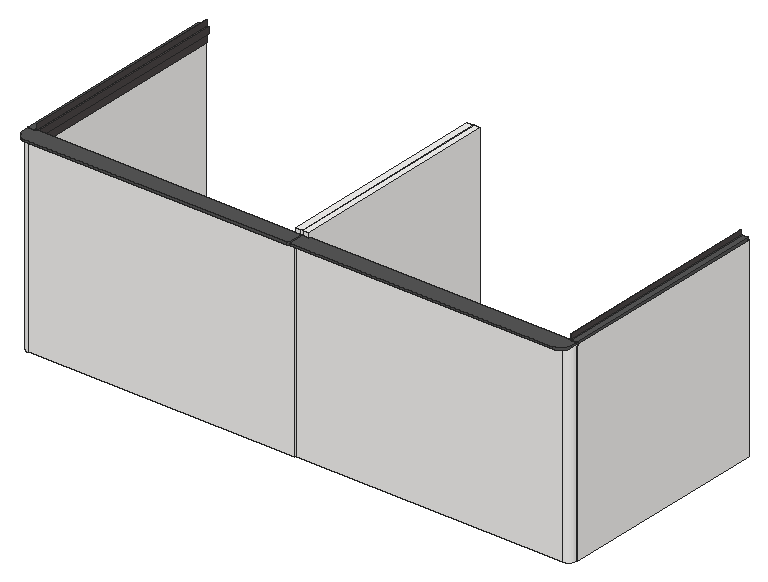
Revit family "vanity unit with 2 drawers for consoles with countertop basin ground", category Furniture, Revit 2019 (continued)
Definition of nested family "vanity unit 1360_550 with 2 drawers for consoles with countertop basin ground-54067700-diamond matt grey-matt_white-400_"
  Forms (mm)
    Extrusion 19, solid, visible <- "ContentVisible", detail levels medium+fine
      sketch origin (0, 0, 0) x (1, 0, 0) y (0, 0, -1)
        loop
          line (656.4, -468.5) -> (656.4, -483) -> (661, -483) -> (661, -496) -> (662.5, -496) -> (662.5, -447) -> (661, -447) -> (661, -468.5) -> (656.4, -468.5)
      from -525 to 0
    Extrusion 20, solid, visible <- "ContentVisible", detail levels medium+fine
      sketch origin (0, 0, 0) x (0, 0, -1) y (0, 1, 0)
        loop
          line (-440, -477) -> (-440, -493) -> (-366, -493) -> (-366, -477) -> (-440, -477)
      from -664 to 664
    Extrusion 21, solid, visible <- "ContentVisible", detail levels coarse
      sketch origin (0, -285.5, 0) x (1, 0, 0) y (0, 1, 0)
        loop
          line (-680, -285.5) -> (680, -285.5) -> (680, 285.5) -> (-680, 285.5) -> (-680, -285.5)
      from 0 to 496
  Dimensions and locks
    aligned and locked: level to plane 2
Definition of nested family "vanity unit 1360_550 with 2 drawers for consoles with countertop basin ground-54068000-natural oak-chrome-200_content"
  Parameters (values of type "Vanity unit 1360_550 with 2 drawers for consoles with countertop basin ground-54068000-Natural Oak-CHROME-200_Content")
    etim7_EC011381 = "EC011381"
    WEIGHT = "45.1"
    UNSPSC = "56 | Furniture and Furnishings"
    UNIFORMATII = "E2010 | Fixed Furnishings"
    UNICLASS_2015_CODE = "40_30_78_05"
    UNICLASS2015 = "Pr_40_30_78_05 | Bathroom furniture"
    SURFACE = "CHROME"
    REGIONSET = "Worldwide"
    PRODUCTURL = "https://pro.hansgrohe.com/articledetail--54068000"
    PRODUCTGROUP = "vanity unit"
    PRODUCTFAMILY = "Xelu Q"
    PERMALINK = "54068XXX"
    OMNICLASS = "23-21 19 15 33 13 | Residential Bathroom Specialty Casework"
    OBJECTTYPE = "Object (single object)"
    OBERFLAECHE = "Natural Oak"
    NN = "Vanity Unit with 2 Drawers for consoles with countertop basin ground"
    NBSYN = "$BASENUMBER.-$ARTNR.-$OBERFLAECHE.-$SURFACE.-$LODLEVEL."
    NB = "Vanity unit 1360/550 with 2 drawers for consoles with countertop basin ground-54068000-Natural Oak-CHROME-200"
    NAME = "Xelu Q Vanity unit Natural Oak 1360/550 with 2 drawers for consoles with countertop basin ground"
    Model = "Vanity unit 1360/550 with 2 drawers for consoles with countertop basin ground-54068000-Natural Oak-CHROME-200"
    Manufacturer = "Hansgrohe"
    MASTERFORMAT = "12 35 30.23 | Bathroom Casework"
    LODLEVEL = "200"
    LINA = "Vanity unit 1360/550 with 2 drawers for consoles with countertop basin ground-54068000-Natural Oak-CHROME-200"
    L = 1360
    IFC = "Furnishing element"
    GTINCODE = "4059625456316"
    ETIM = "EC011381 | Bathroom furniture set"
    Default Elevation = 1219.2 mm
    DESIGN = "Germany"
    ContentVisible [instance] = yes
    CATALOG = "Hansgrohe"
    BIMOBJECT = "Sanitary: Compound units"
    BASENUMBER = "Vanity unit 1360/550 with 2 drawers for consoles with countertop basin ground"
    ARTNR = "54068000"
  Reference planes
    plane 1 "Center (Front/Back)": y = 0
    plane 2: z = 0
    plane 3 "Center (Left/Right)": x = 0
  Forms (mm)
    Extrusion 1, solid, visible <- "ContentVisible", detail levels medium+fine
      sketch origin (0, 0, 0) x (1, 0, 0) y (0, 1, 0)
        loop
          line (-680, 0) -> (-680, -551) -> (680, -551) -> (680, 0) -> (664, 0) -> (664, -117) -> (-664, -117) -> (-664, 0) -> (-680, 0)
      from 0 to 480
    Extrusion 2, solid, visible <- "ContentVisible", detail levels medium+fine
      sketch origin (0, 0, 480) x (1, 0, 0) y (0, 1, 0)
        loop
          line (-678.5, -528.5) -> (-678.5, -571) -> (678.5, -571) -> (678.5, -528.5) -> (-678.5, -528.5)
      from 0 to 5
    Extrusion 3, solid, visible <- "ContentVisible", detail levels medium+fine
      sketch origin (0, 0, 0) x (1, 0, 0) y (0, 0, -1)
        loop
          line (-664, -447) -> (-664, -485) -> (-662.5, -485) -> (-662.5, -447) -> (-664, -447)
      from -528.5 to 0
    Extrusion 4, solid, visible <- "ContentVisible", detail levels medium+fine
      sketch origin (0, 0, 0) x (1, 0, 0) y (0, 0, -1)
        loop
          line (662.5, -446.8) -> (662.5, -485) -> (664, -485) -> (664, -446.8) -> (662.5, -446.8)
      from -528.5 to 0
    Extrusion 5, solid, visible <- "ContentVisible", detail levels medium+fine
      sketch origin (0, 0, 480) x (1, 0, 0) y (0, 1, 0)
        loop
          line (-680, 0) -> (-680, -530) -> (-664, -530) -> (-664, 0) -> (-680, 0)
      from 0 to 5
    Extrusion 6, solid, visible <- "ContentVisible", detail levels medium+fine
      sketch origin (0, 0, 480) x (1, 0, 0) y (0, 1, 0)
        loop
          line (664, 0) -> (664, -530) -> (680, -530) -> (680, 0) -> (664, 0)
      from 0 to 5
    Extrusion 7, solid, visible <- "ContentVisible", detail levels medium+fine
      sketch origin (0, 0, 0) x (1, 0, 0) y (0, 0, -1)
        loop
          line (-662.5, -447) -> (-662.5, -496) -> (-656.4, -496) -> (-656.4, -447) -> (-662.5, -447)
      from -528.5 to 0
    Extrusion 8, solid, visible <- "ContentVisible", detail levels medium+fine
      sketch origin (0, 0, 0) x (1, 0, 0) y (0, 0, -1)
        loop
          line (656.4, -447) -> (656.4, -496) -> (662.5, -496) -> (662.5, -447) -> (656.4, -447)
      from -528.5 to 0
    Extrusion 9, solid, visible <- "ContentVisible", detail levels coarse
      sketch origin (0, -285.5, 0) x (1, 0, 0) y (0, 1, 0)
        loop
          line (-680, -285.5) -> (680, -285.5) -> (680, 285.5) -> (-680, 285.5) -> (-680, -285.5)
      from 0 to 496
  Dimensions and locks
    aligned and locked: level to plane 2
Definition of nested family "vanity unit 1360_550 with 2 drawers for consoles with countertop basin ground-54068000-natural oak-chrome-400_content"
  Parameters (values of type "Vanity unit 1360_550 with 2 drawers for consoles with countertop basin ground-54068000-Natural Oak-CHROME-400_Content")
    etim7_EC011381 = "EC011381"
    WEIGHT = "45.1"
    UNSPSC = "56 | Furniture and Furnishings"
    UNIFORMATII = "E2010 | Fixed Furnishings"
    UNICLASS_2015_CODE = "40_30_78_05"
    UNICLASS2015 = "Pr_40_30_78_05 | Bathroom furniture"
    SURFACE = "CHROME"
    REGIONSET = "Worldwide"
    PRODUCTURL = "https://pro.hansgrohe.com/articledetail--54068000"
    PRODUCTGROUP = "vanity unit"
    PRODUCTFAMILY = "Xelu Q"
    PERMALINK = "54068XXX"
    OMNICLASS = "23-21 19 15 33 13 | Residential Bathroom Specialty Casework"
    OBJECTTYPE = "Object (single object)"
    OBERFLAECHE = "Natural Oak"
    NN = "Vanity Unit with 2 Drawers for consoles with countertop basin ground"
    NBSYN = "$BASENUMBER.-$ARTNR.-$OBERFLAECHE.-$SURFACE.-$LODLEVEL."
    NB = "Vanity unit 1360/550 with 2 drawers for consoles with countertop basin ground-54068000-Natural Oak-CHROME-400"
    NAME = "Xelu Q Vanity unit Natural Oak 1360/550 with 2 drawers for consoles with countertop basin ground"
    Model = "Vanity unit 1360/550 with 2 drawers for consoles with countertop basin ground-54068000-Natural Oak-CHROME-400"
    Manufacturer = "Hansgrohe"
    MASTERFORMAT = "12 35 30.23 | Bathroom Casework"
    LODLEVEL = "400"
    LINA = "Vanity unit 1360/550 with 2 drawers for consoles with countertop basin ground-54068000-Natural Oak-CHROME-400"
    L = 1360
    IFC = "Furnishing element"
    GTINCODE = "4059625456316"
    ETIM = "EC011381 | Bathroom furniture set"
    Default Elevation = 1219.2 mm
    DESIGN = "Germany"
    ContentVisible [instance] = yes
    CATALOG = "Hansgrohe"
    BIMOBJECT = "Sanitary: Compound units"
    BASENUMBER = "Vanity unit 1360/550 with 2 drawers for consoles with countertop basin ground"
    ARTNR = "54068000"
  Reference planes
    plane 1 "Center (Front/Back)": y = 0
    plane 2: z = 0
    plane 3 "Center (Left/Right)": x = 0
  Forms (mm)
    Extrusion 1, solid, visible <- "ContentVisible", detail levels medium+fine
      sketch origin (0, 0, 0) x (1, 0, 0) y (0, 1, 0)
        loop
          line (-680, 0) -> (-680, -527)
          arc (-680, -527) -> (-679.121, -529.121) -> (-677, -530) r 3
          line (-677, -530) -> (-664, -530) -> (-664, 0) -> (-680, 0)
      from 0 to 480
    Extrusion 2, solid, visible <- "ContentVisible", detail levels medium+fine
      sketch origin (0, 0, 0) x (1, 0, 0) y (0, 1, 0)
        loop
          line (-664, -133) -> (-664, -499.5) -> (-16, -499.5) -> (-16, -133) -> (-664, -133)
      from 0 to 16
    Extrusion 3, solid, visible <- "ContentVisible", detail levels medium+fine
      sketch origin (0, 0, 0) x (1, 0, 0) y (0, 1, 0)
        loop
          line (-16, 0) -> (-16, -530) -> (-3, -530)
          arc (-3, -530) -> (-0.879, -529.121) -> (0, -527) r 3
          line (0, -527) -> (0, 0) -> (-16, 0)
      from 0 to 496
    Extrusion 4, solid, visible <- "ContentVisible", detail levels medium+fine
      sketch origin (0, 0, 0) x (1, 0, 0) y (0, 1, 0)
        loop
          line (0, 0) -> (0, -527)
          arc (0, -527) -> (0.879, -529.121) -> (3, -530) r 3
          line (3, -530) -> (16, -530) -> (16, 0) -> (0, 0)
      from 0 to 496
    Extrusion 5, solid, visible <- "ContentVisible", detail levels medium+fine
      sketch origin (0, 0, 0) x (1, 0, 0) y (0, 1, 0)
        loop
          line (16, -499.5) -> (664, -499.5) -> (664, -133) -> (16, -133) -> (16, -499.5)
      from 0 to 16
    Extrusion 6, solid, visible <- "ContentVisible", detail levels medium+fine
      sketch origin (0, 0, 0) x (1, 0, 0) y (0, 1, 0)
        loop
          line (664, 0) -> (664, -530) -> (677, -530)
          arc (677, -530) -> (679.121, -529.121) -> (680, -527) r 3
          line (680, -527) -> (680, 0) -> (664, 0)
      from 0 to 480
    Extrusion 7, solid, visible <- "ContentVisible", detail levels medium+fine
      sketch origin (0, 0, 0) x (1, 0, 0) y (0, 1, 0)
        loop
          line (-664, -117) -> (-664, -133) -> (664, -133) -> (664, -117) -> (-664, -117)
      from 0 to 126
    Extrusion 8, solid, visible <- "ContentVisible", detail levels medium+fine
      sketch origin (0, 0, 2) x (1, 0, 0) y (0, 1, 0)
        loop
          arc (-680, -532) -> (-674.435, -545.435) -> (-661, -551) r 19
          line (-661, -551) -> (-2.5, -551)
          arc (-2.5, -551) -> (-1.793, -550.707) -> (-1.5, -550) r 1
          line (-1.5, -550) -> (-1.5, -530) -> (-680, -530) -> (-680, -532)
      from 0 to 478
    Extrusion 9, solid, visible <- "ContentVisible", detail levels medium+fine
      sketch origin (0, 0, 2) x (1, 0, 0) y (0, 1, 0)
        loop
          arc (1.5, -550) -> (1.793, -550.707) -> (2.5, -551) r 1
          line (2.5, -551) -> (661, -551)
          arc (661, -551) -> (674.435, -545.435) -> (680, -532) r 19
          line (680, -532) -> (680, -530) -> (1.5, -530) -> (1.5, -550)
      from 0 to 478
    Extrusion 10, solid, visible <- "ContentVisible", detail levels medium+fine
      sketch origin (0, 0, 480) x (1, 0, 0) y (0, 1, 0)
        loop
          line (-678.5, -530) -> (-678.5, -546)
          arc (-678.5, -546) -> (-671.178, -563.678) -> (-653.5, -571) r 25
          line (-653.5, -571) -> (-4.5, -571)
          arc (-4.5, -571) -> (-2.379, -570.121) -> (-1.5, -568) r 3
          line (-1.5, -568) -> (-1.5, -528.5) -> (-658.5, -528.5) -> (-658.5, -530) -> (-678.5, -530)
      from 0 to 5
    Extrusion 11, solid, visible <- "ContentVisible", detail levels medium+fine
      sketch origin (0, 0, 480) x (1, 0, 0) y (0, 1, 0)
        loop
          arc (1.5, -568) -> (2.379, -570.121) -> (4.5, -571) r 3
          line (4.5, -571) -> (653.5, -571)
          arc (653.5, -571) -> (671.178, -563.678) -> (678.5, -546) r 25
          line (678.5, -546) -> (678.5, -530) -> (658.5, -530) -> (658.5, -528.5) -> (1.5, -528.5) -> (1.5, -568)
      from 0 to 5
    Extrusion 12, solid, visible <- "ContentVisible", detail levels medium+fine
      sketch origin (-1.5, 0, 0) x (0, 0, -1) y (0, 1, 0)
        loop
          line (-480, -528.5) -> (-480, -530) -> (-450, -530) -> (-450, -528.5) -> (-480, -528.5)
      from -664 to 0
    Extrusion 13, solid, visible <- "ContentVisible", detail levels medium+fine
      sketch origin (1.5, 0, 0) x (0, 0, -1) y (0, 1, 0)
        loop
          line (-480, -528.5) -> (-480, -530) -> (-450, -530) -> (-450, -528.5) -> (-480, -528.5)
      from 0 to 664
    Extrusion 14, solid, visible <- "ContentVisible", detail levels medium+fine
      sketch origin (0, 0, 0) x (1, 0, 0) y (0, 0, -1)
        loop
          line (-664, -447) -> (-664, -485) -> (-662.5, -485) -> (-662.5, -447) -> (-664, -447)
      from -528.5 to 0
    Extrusion 15, solid, visible <- "ContentVisible", detail levels medium+fine
      sketch origin (0, 0, 0) x (1, 0, 0) y (0, 0, -1)
        loop
          line (662.5, -446.8) -> (662.5, -485) -> (664, -485) -> (664, -446.8) -> (662.5, -446.8)
      from -528.5 to 0
    Extrusion 16, solid, visible <- "ContentVisible", detail levels medium+fine
      sketch origin (0, 0, 480) x (1, 0, 0) y (0, 1, 0)
        loop
          line (-680, -3) -> (-680, -527)
          arc (-680, -527) -> (-679.121, -529.121) -> (-677, -530) r 3
          line (-677, -530) -> (-664, -530) -> (-664, 0) -> (-677, 0)
          arc (-677, 0) -> (-679.121, -0.879) -> (-680, -3) r 3
      from 0 to 5
    Extrusion 17, solid, visible <- "ContentVisible", detail levels medium+fine
      sketch origin (0, 0, 480) x (1, 0, 0) y (0, 1, 0)
        loop
          line (664, 0) -> (664, -530) -> (677, -530)
          arc (677, -530) -> (679.121, -529.121) -> (680, -527) r 3
          line (680, -527) -> (680, -3)
          arc (680, -3) -> (679.121, -0.879) -> (677, 0) r 3
          line (677, 0) -> (664, 0)
      from 0 to 5
    Extrusion 18, solid, visible <- "ContentVisible", detail levels medium+fine
      sketch origin (0, 0, 0) x (1, 0, 0) y (0, 0, -1)
        loop
          line (-662.5, -447) -> (-662.5, -496) -> (-661, -496) -> (-661, -483) -> (-656.4, -483) -> (-656.4, -468.5) -> (-661, -468.5) -> (-661, -447) -> (-662.5, -447)
      from -525 to 0
    Extrusion 19, solid, visible <- "ContentVisible", detail levels medium+fine
      sketch origin (0, 0, 0) x (1, 0, 0) y (0, 0, -1)
        loop
          line (656.4, -468.5) -> (656.4, -483) -> (661, -483) -> (661, -496) -> (662.5, -496) -> (662.5, -447) -> (661, -447) -> (661, -468.5) -> (656.4, -468.5)
      from -525 to 0
    Extrusion 20, solid, visible <- "ContentVisible", detail levels medium+fine
      sketch origin (0, 0, 0) x (0, 0, -1) y (0, 1, 0)
        loop
          line (-440, -477) -> (-440, -493) -> (-366, -493) -> (-366, -477) -> (-440, -477)
      from -664 to 664
    Extrusion 21, solid, visible <- "ContentVisible", detail levels coarse
      sketch origin (0, -285.5, 0) x (1, 0, 0) y (0, 1, 0)
        loop
          line (-680, -285.5) -> (680, -285.5) -> (680, 285.5) -> (-680, 285.5) -> (-680, -285.5)
      from 0 to 496
  Dimensions and locks
    aligned and locked: level to plane 2
Definition of nested family "vanity unit 1360_550 with 2 drawers for consoles with countertop basin ground-54068670-natural oak-matt_black-200_conten"
  Parameters (values of type "Vanity unit 1360_550 with 2 drawers for consoles with countertop basin ground-54068670-Natural Oak-MATT_BLACK-200_Conten")
    etim7_EC011381 = "EC011381"
    WEIGHT = "45.1"
    UNSPSC = "56 | Furniture and Furnishings"
    UNIFORMATII = "E2010 | Fixed Furnishings"
    UNICLASS_2015_CODE = "40_30_78_05"
    UNICLASS2015 = "Pr_40_30_78_05 | Bathroom furniture"
    SURFACE = "MATT_BLACK"
    REGIONSET = "Worldwide"
    PRODUCTURL = "https://pro.hansgrohe.com/articledetail--54068000"
    PRODUCTGROUP = "vanity unit"
    PRODUCTFAMILY = "Xelu Q"
    PERMALINK = "54068XXX"
    OMNICLASS = "23-21 19 15 33 13 | Residential Bathroom Specialty Casework"
    OBJECTTYPE = "Object (single object)"
    OBERFLAECHE = "Natural Oak"
    NN = "Vanity Unit with 2 Drawers for consoles with countertop basin ground"
    NBSYN = "$BASENUMBER.-$ARTNR.-$OBERFLAECHE.-$SURFACE.-$LODLEVEL."
    NB = "Vanity unit 1360/550 with 2 drawers for consoles with countertop basin ground-54068670-Natural Oak-MATT_BLACK-200"
    NAME = "Xelu Q Vanity unit Natural Oak 1360/550 with 2 drawers for consoles with countertop basin ground"
    Model = "Vanity unit 1360/550 with 2 drawers for consoles with countertop basin ground-54068670-Natural Oak-MATT_BLACK-200"
    Manufacturer = "Hansgrohe"
    MASTERFORMAT = "12 35 30.23 | Bathroom Casework"
    LODLEVEL = "200"
    LINA = "Vanity unit 1360/550 with 2 drawers for consoles with countertop basin ground-54068670-Natural Oak-MATT_BLACK-200"
    L = 1360
    IFC = "Furnishing element"
    GTINCODE = "4059625456316"
    ETIM = "EC011381 | Bathroom furniture set"
    Default Elevation = 1219.2 mm
    DESIGN = "Germany"
    ContentVisible [instance] = yes
    CATALOG = "Hansgrohe"
    BIMOBJECT = "Sanitary: Compound units"
    BASENUMBER = "Vanity unit 1360/550 with 2 drawers for consoles with countertop basin ground"
    ARTNR = "54068670"
  Reference planes
    plane 1 "Center (Front/Back)": y = 0
    plane 2: z = 0
    plane 3 "Center (Left/Right)": x = 0
  Forms (mm)
    Extrusion 1, solid, visible <- "ContentVisible", detail levels medium+fine
      sketch origin (0, 0, 0) x (1, 0, 0) y (0, 1, 0)
        loop
          line (-680, 0) -> (-680, -551) -> (680, -551) -> (680, 0) -> (664, 0) -> (664, -117) -> (-664, -117) -> (-664, 0) -> (-680, 0)
      from 0 to 480
    Extrusion 2, solid, visible <- "ContentVisible", detail levels medium+fine
      sketch origin (0, 0, 480) x (1, 0, 0) y (0, 1, 0)
        loop
          line (-678.5, -528.5) -> (-678.5, -571) -> (678.5, -571) -> (678.5, -528.5) -> (-678.5, -528.5)
      from 0 to 5
    Extrusion 3, solid, visible <- "ContentVisible", detail levels medium+fine
      sketch origin (0, 0, 0) x (1, 0, 0) y (0, 0, -1)
        loop
          line (-664, -447) -> (-664, -485) -> (-662.5, -485) -> (-662.5, -447) -> (-664, -447)
      from -528.5 to 0
    Extrusion 4, solid, visible <- "ContentVisible", detail levels medium+fine
      sketch origin (0, 0, 0) x (1, 0, 0) y (0, 0, -1)
        loop
          line (662.5, -446.8) -> (662.5, -485) -> (664, -485) -> (664, -446.8) -> (662.5, -446.8)
      from -528.5 to 0
    Extrusion 5, solid, visible <- "ContentVisible", detail levels medium+fine
      sketch origin (0, 0, 480) x (1, 0, 0) y (0, 1, 0)
        loop
          line (-680, 0) -> (-680, -530) -> (-664, -530) -> (-664, 0) -> (-680, 0)
      from 0 to 5
    Extrusion 6, solid, visible <- "ContentVisible", detail levels medium+fine
      sketch origin (0, 0, 480) x (1, 0, 0) y (0, 1, 0)
        loop
          line (664, 0) -> (664, -530) -> (680, -530) -> (680, 0) -> (664, 0)
      from 0 to 5
    Extrusion 7, solid, visible <- "ContentVisible", detail levels medium+fine
      sketch origin (0, 0, 0) x (1, 0, 0) y (0, 0, -1)
        loop
          line (-662.5, -447) -> (-662.5, -496) -> (-656.4, -496) -> (-656.4, -447) -> (-662.5, -447)
      from -528.5 to 0
    Extrusion 8, solid, visible <- "ContentVisible", detail levels medium+fine
      sketch origin (0, 0, 0) x (1, 0, 0) y (0, 0, -1)
        loop
          line (656.4, -447) -> (656.4, -496) -> (662.5, -496) -> (662.5, -447) -> (656.4, -447)
      from -528.5 to 0
    Extrusion 9, solid, visible <- "ContentVisible", detail levels coarse
      sketch origin (0, -285.5, 0) x (1, 0, 0) y (0, 1, 0)
        loop
          line (-680, -285.5) -> (680, -285.5) -> (680, 285.5) -> (-680, 285.5) -> (-680, -285.5)
      from 0 to 496
  Dimensions and locks
    aligned and locked: level to plane 2
Definition of nested family "vanity unit 1360_550 with 2 drawers for consoles with countertop basin ground-54068670-natural oak-matt_black-400_conten"
  Parameters (values of type "Vanity unit 1360_550 with 2 drawers for consoles with countertop basin ground-54068670-Natural Oak-MATT_BLACK-400_Conten")
    etim7_EC011381 = "EC011381"
    WEIGHT = "45.1"
    UNSPSC = "56 | Furniture and Furnishings"
    UNIFORMATII = "E2010 | Fixed Furnishings"
    UNICLASS_2015_CODE = "40_30_78_05"
    UNICLASS2015 = "Pr_40_30_78_05 | Bathroom furniture"
    SURFACE = "MATT_BLACK"
    REGIONSET = "Worldwide"
    PRODUCTURL = "https://pro.hansgrohe.com/articledetail--54068000"
    PRODUCTGROUP = "vanity unit"
    PRODUCTFAMILY = "Xelu Q"
    PERMALINK = "54068XXX"
    OMNICLASS = "23-21 19 15 33 13 | Residential Bathroom Specialty Casework"
    OBJECTTYPE = "Object (single object)"
    OBERFLAECHE = "Natural Oak"
    NN = "Vanity Unit with 2 Drawers for consoles with countertop basin ground"
    NBSYN = "$BASENUMBER.-$ARTNR.-$OBERFLAECHE.-$SURFACE.-$LODLEVEL."
    NB = "Vanity unit 1360/550 with 2 drawers for consoles with countertop basin ground-54068670-Natural Oak-MATT_BLACK-400"
    NAME = "Xelu Q Vanity unit Natural Oak 1360/550 with 2 drawers for consoles with countertop basin ground"
    Model = "Vanity unit 1360/550 with 2 drawers for consoles with countertop basin ground-54068670-Natural Oak-MATT_BLACK-400"
    Manufacturer = "Hansgrohe"
    MASTERFORMAT = "12 35 30.23 | Bathroom Casework"
    LODLEVEL = "400"
    LINA = "Vanity unit 1360/550 with 2 drawers for consoles with countertop basin ground-54068670-Natural Oak-MATT_BLACK-400"
    L = 1360
    IFC = "Furnishing element"
    GTINCODE = "4059625456316"
    ETIM = "EC011381 | Bathroom furniture set"
    Default Elevation = 1219.2 mm
    DESIGN = "Germany"
    ContentVisible [instance] = yes
    CATALOG = "Hansgrohe"
    BIMOBJECT = "Sanitary: Compound units"
    BASENUMBER = "Vanity unit 1360/550 with 2 drawers for consoles with countertop basin ground"
    ARTNR = "54068670"
  Reference planes
    plane 1 "Center (Front/Back)": y = 0
    plane 2: z = 0
    plane 3 "Center (Left/Right)": x = 0
  Forms (mm)
    Extrusion 1, solid, visible <- "ContentVisible", detail levels medium+fine
      sketch origin (0, 0, 0) x (1, 0, 0) y (0, 1, 0)
        loop
          line (-680, 0) -> (-680, -527)
          arc (-680, -527) -> (-679.121, -529.121) -> (-677, -530) r 3
          line (-677, -530) -> (-664, -530) -> (-664, 0) -> (-680, 0)
      from 0 to 480
    Extrusion 2, solid, visible <- "ContentVisible", detail levels medium+fine
      sketch origin (0, 0, 0) x (1, 0, 0) y (0, 1, 0)
        loop
          line (-664, -133) -> (-664, -499.5) -> (-16, -499.5) -> (-16, -133) -> (-664, -133)
      from 0 to 16
    Extrusion 3, solid, visible <- "ContentVisible", detail levels medium+fine
      sketch origin (0, 0, 0) x (1, 0, 0) y (0, 1, 0)
        loop
          line (-16, 0) -> (-16, -530) -> (-3, -530)
          arc (-3, -530) -> (-0.879, -529.121) -> (0, -527) r 3
          line (0, -527) -> (0, 0) -> (-16, 0)
      from 0 to 496
    Extrusion 4, solid, visible <- "ContentVisible", detail levels medium+fine
      sketch origin (0, 0, 0) x (1, 0, 0) y (0, 1, 0)
        loop
          line (0, 0) -> (0, -527)
          arc (0, -527) -> (0.879, -529.121) -> (3, -530) r 3
          line (3, -530) -> (16, -530) -> (16, 0) -> (0, 0)
      from 0 to 496
    Extrusion 5, solid, visible <- "ContentVisible", detail levels medium+fine
      sketch origin (0, 0, 0) x (1, 0, 0) y (0, 1, 0)
        loop
          line (16, -499.5) -> (664, -499.5) -> (664, -133) -> (16, -133) -> (16, -499.5)
      from 0 to 16
    Extrusion 6, solid, visible <- "ContentVisible", detail levels medium+fine
      sketch origin (0, 0, 0) x (1, 0, 0) y (0, 1, 0)
        loop
          line (664, 0) -> (664, -530) -> (677, -530)
          arc (677, -530) -> (679.121, -529.121) -> (680, -527) r 3
          line (680, -527) -> (680, 0) -> (664, 0)
      from 0 to 480
    Extrusion 7, solid, visible <- "ContentVisible", detail levels medium+fine
      sketch origin (0, 0, 0) x (1, 0, 0) y (0, 1, 0)
        loop
          line (-664, -117) -> (-664, -133) -> (664, -133) -> (664, -117) -> (-664, -117)
      from 0 to 126
    Extrusion 8, solid, visible <- "ContentVisible", detail levels medium+fine
      sketch origin (0, 0, 2) x (1, 0, 0) y (0, 1, 0)
        loop
          arc (-680, -532) -> (-674.435, -545.435) -> (-661, -551) r 19
          line (-661, -551) -> (-2.5, -551)
          arc (-2.5, -551) -> (-1.793, -550.707) -> (-1.5, -550) r 1
          line (-1.5, -550) -> (-1.5, -530) -> (-680, -530) -> (-680, -532)
      from 0 to 478
    Extrusion 9, solid, visible <- "ContentVisible", detail levels medium+fine
      sketch origin (0, 0, 2) x (1, 0, 0) y (0, 1, 0)
        loop
          arc (1.5, -550) -> (1.793, -550.707) -> (2.5, -551) r 1
          line (2.5, -551) -> (661, -551)
          arc (661, -551) -> (674.435, -545.435) -> (680, -532) r 19
          line (680, -532) -> (680, -530) -> (1.5, -530) -> (1.5, -550)
      from 0 to 478
    Extrusion 10, solid, visible <- "ContentVisible", detail levels medium+fine
      sketch origin (0, 0, 480) x (1, 0, 0) y (0, 1, 0)
        loop
          line (-678.5, -530) -> (-678.5, -546)
          arc (-678.5, -546) -> (-671.178, -563.678) -> (-653.5, -571) r 25
          line (-653.5, -571) -> (-4.5, -571)
          arc (-4.5, -571) -> (-2.379, -570.121) -> (-1.5, -568) r 3
          line (-1.5, -568) -> (-1.5, -528.5) -> (-658.5, -528.5) -> (-658.5, -530) -> (-678.5, -530)
      from 0 to 5
    Extrusion 11, solid, visible <- "ContentVisible", detail levels medium+fine
      sketch origin (0, 0, 480) x (1, 0, 0) y (0, 1, 0)
        loop
          arc (1.5, -568) -> (2.379, -570.121) -> (4.5, -571) r 3
          line (4.5, -571) -> (653.5, -571)
          arc (653.5, -571) -> (671.178, -563.678) -> (678.5, -546) r 25
          line (678.5, -546) -> (678.5, -530) -> (658.5, -530) -> (658.5, -528.5) -> (1.5, -528.5) -> (1.5, -568)
      from 0 to 5
    Extrusion 12, solid, visible <- "ContentVisible", detail levels medium+fine
      sketch origin (-1.5, 0, 0) x (0, 0, -1) y (0, 1, 0)
        loop
          line (-480, -528.5) -> (-480, -530) -> (-450, -530) -> (-450, -528.5) -> (-480, -528.5)
      from -664 to 0
    Extrusion 13, solid, visible <- "ContentVisible", detail levels medium+fine
      sketch origin (1.5, 0, 0) x (0, 0, -1) y (0, 1, 0)
        loop
          line (-480, -528.5) -> (-480, -530) -> (-450, -530) -> (-450, -528.5) -> (-480, -528.5)
      from 0 to 664
    Extrusion 14, solid, visible <- "ContentVisible", detail levels medium+fine
      sketch origin (0, 0, 0) x (1, 0, 0) y (0, 0, -1)
        loop
          line (-664, -447) -> (-664, -485) -> (-662.5, -485) -> (-662.5, -447) -> (-664, -447)
      from -528.5 to 0
    Extrusion 15, solid, visible <- "ContentVisible", detail levels medium+fine
      sketch origin (0, 0, 0) x (1, 0, 0) y (0, 0, -1)
        loop
          line (662.5, -446.8) -> (662.5, -485) -> (664, -485) -> (664, -446.8) -> (662.5, -446.8)
      from -528.5 to 0
    Extrusion 16, solid, visible <- "ContentVisible", detail levels medium+fine
      sketch origin (0, 0, 480) x (1, 0, 0) y (0, 1, 0)
        loop
          line (-680, -3) -> (-680, -527)
          arc (-680, -527) -> (-679.121, -529.121) -> (-677, -530) r 3
          line (-677, -530) -> (-664, -530) -> (-664, 0) -> (-677, 0)
          arc (-677, 0) -> (-679.121, -0.879) -> (-680, -3) r 3
      from 0 to 5
    Extrusion 17, solid, visible <- "ContentVisible", detail levels medium+fine
      sketch origin (0, 0, 480) x (1, 0, 0) y (0, 1, 0)
        loop
          line (664, 0) -> (664, -530) -> (677, -530)
          arc (677, -530) -> (679.121, -529.121) -> (680, -527) r 3
          line (680, -527) -> (680, -3)
          arc (680, -3) -> (679.121, -0.879) -> (677, 0) r 3
          line (677, 0) -> (664, 0)
      from 0 to 5
    Extrusion 18, solid, visible <- "ContentVisible", detail levels medium+fine
      sketch origin (0, 0, 0) x (1, 0, 0) y (0, 0, -1)
        loop
          line (-662.5, -447) -> (-662.5, -496) -> (-661, -496) -> (-661, -483) -> (-656.4, -483) -> (-656.4, -468.5) -> (-661, -468.5) -> (-661, -447) -> (-662.5, -447)
      from -525 to 0
    Extrusion 19, solid, visible <- "ContentVisible", detail levels medium+fine
      sketch origin (0, 0, 0) x (1, 0, 0) y (0, 0, -1)
        loop
          line (656.4, -468.5) -> (656.4, -483) -> (661, -483) -> (661, -496) -> (662.5, -496) -> (662.5, -447) -> (661, -447) -> (661, -468.5) -> (656.4, -468.5)
      from -525 to 0
    Extrusion 20, solid, visible <- "ContentVisible", detail levels medium+fine
      sketch origin (0, 0, 0) x (0, 0, -1) y (0, 1, 0)
        loop
          line (-440, -477) -> (-440, -493) -> (-366, -493) -> (-366, -477) -> (-440, -477)
      from -664 to 664
    Extrusion 21, solid, visible <- "ContentVisible", detail levels coarse
      sketch origin (0, -285.5, 0) x (1, 0, 0) y (0, 1, 0)
        loop
          line (-680, -285.5) -> (680, -285.5) -> (680, 285.5) -> (-680, 285.5) -> (-680, -285.5)
      from 0 to 496
  Dimensions and locks
    aligned and locked: level to plane 2
Definition of nested family "vanity unit 1360_550 with 2 drawers for consoles with countertop basin ground-54068700-natural oak-matt_white-200_conten"
  Parameters (values of type "Vanity unit 1360_550 with 2 drawers for consoles with countertop basin ground-54068700-Natural Oak-MATT_WHITE-200_Conten")
    etim7_EC011381 = "EC011381"
    WEIGHT = "45.1"
    UNSPSC = "56 | Furniture and Furnishings"
    UNIFORMATII = "E2010 | Fixed Furnishings"
    UNICLASS_2015_CODE = "40_30_78_05"
    UNICLASS2015 = "Pr_40_30_78_05 | Bathroom furniture"
    SURFACE = "MATT_WHITE"
    REGIONSET = "Worldwide"
    PRODUCTURL = "https://pro.hansgrohe.com/articledetail--54068000"
    PRODUCTGROUP = "vanity unit"
    PRODUCTFAMILY = "Xelu Q"
    PERMALINK = "54068XXX"
    OMNICLASS = "23-21 19 15 33 13 | Residential Bathroom Specialty Casework"
    OBJECTTYPE = "Object (single object)"
    OBERFLAECHE = "Natural Oak"
    NN = "Vanity Unit with 2 Drawers for consoles with countertop basin ground"
    NBSYN = "$BASENUMBER.-$ARTNR.-$OBERFLAECHE.-$SURFACE.-$LODLEVEL."
    NB = "Vanity unit 1360/550 with 2 drawers for consoles with countertop basin ground-54068700-Natural Oak-MATT_WHITE-200"
    NAME = "Xelu Q Vanity unit Natural Oak 1360/550 with 2 drawers for consoles with countertop basin ground"
    Model = "Vanity unit 1360/550 with 2 drawers for consoles with countertop basin ground-54068700-Natural Oak-MATT_WHITE-200"
    Manufacturer = "Hansgrohe"
    MASTERFORMAT = "12 35 30.23 | Bathroom Casework"
    LODLEVEL = "200"
    LINA = "Vanity unit 1360/550 with 2 drawers for consoles with countertop basin ground-54068700-Natural Oak-MATT_WHITE-200"
    L = 1360
    IFC = "Furnishing element"
    GTINCODE = "4059625456316"
    ETIM = "EC011381 | Bathroom furniture set"
    Default Elevation = 1219.2 mm
    DESIGN = "Germany"
    ContentVisible [instance] = yes
    CATALOG = "Hansgrohe"
    BIMOBJECT = "Sanitary: Compound units"
    BASENUMBER = "Vanity unit 1360/550 with 2 drawers for consoles with countertop basin ground"
    ARTNR = "54068700"
  Reference planes
    plane 1 "Center (Front/Back)": y = 0
    plane 2: z = 0
    plane 3 "Center (Left/Right)": x = 0
  Forms (mm)
    Extrusion 1, solid, visible <- "ContentVisible", detail levels medium+fine
      sketch origin (0, 0, 0) x (1, 0, 0) y (0, 1, 0)
        loop
          line (-680, 0) -> (-680, -551) -> (680, -551) -> (680, 0) -> (664, 0) -> (664, -117) -> (-664, -117) -> (-664, 0) -> (-680, 0)
      from 0 to 480
    Extrusion 2, solid, visible <- "ContentVisible", detail levels medium+fine
      sketch origin (0, 0, 480) x (1, 0, 0) y (0, 1, 0)
        loop
          line (-678.5, -528.5) -> (-678.5, -571) -> (678.5, -571) -> (678.5, -528.5) -> (-678.5, -528.5)
      from 0 to 5
    Extrusion 3, solid, visible <- "ContentVisible", detail levels medium+fine
      sketch origin (0, 0, 0) x (1, 0, 0) y (0, 0, -1)
        loop
          line (-664, -447) -> (-664, -485) -> (-662.5, -485) -> (-662.5, -447) -> (-664, -447)
      from -528.5 to 0
    Extrusion 4, solid, visible <- "ContentVisible", detail levels medium+fine
      sketch origin (0, 0, 0) x (1, 0, 0) y (0, 0, -1)
        loop
          line (662.5, -446.8) -> (662.5, -485) -> (664, -485) -> (664, -446.8) -> (662.5, -446.8)
      from -528.5 to 0
    Extrusion 5, solid, visible <- "ContentVisible", detail levels medium+fine
      sketch origin (0, 0, 480) x (1, 0, 0) y (0, 1, 0)
        loop
          line (-680, 0) -> (-680, -530) -> (-664, -530) -> (-664, 0) -> (-680, 0)
      from 0 to 5
    Extrusion 6, solid, visible <- "ContentVisible", detail levels medium+fine
      sketch origin (0, 0, 480) x (1, 0, 0) y (0, 1, 0)
        loop
          line (664, 0) -> (664, -530) -> (680, -530) -> (680, 0) -> (664, 0)
      from 0 to 5
    Extrusion 7, solid, visible <- "ContentVisible", detail levels medium+fine
      sketch origin (0, 0, 0) x (1, 0, 0) y (0, 0, -1)
        loop
          line (-662.5, -447) -> (-662.5, -496) -> (-656.4, -496) -> (-656.4, -447) -> (-662.5, -447)
      from -528.5 to 0
    Extrusion 8, solid, visible <- "ContentVisible", detail levels medium+fine
      sketch origin (0, 0, 0) x (1, 0, 0) y (0, 0, -1)
        loop
          line (656.4, -447) -> (656.4, -496) -> (662.5, -496) -> (662.5, -447) -> (656.4, -447)
      from -528.5 to 0
    Extrusion 9, solid, visible <- "ContentVisible", detail levels coarse
      sketch origin (0, -285.5, 0) x (1, 0, 0) y (0, 1, 0)
        loop
          line (-680, -285.5) -> (680, -285.5) -> (680, 285.5) -> (-680, 285.5) -> (-680, -285.5)
      from 0 to 496
  Dimensions and locks
    aligned and locked: level to plane 2
Definition of nested family "vanity unit 1360_550 with 2 drawers for consoles with countertop basin ground-54068700-natural oak-matt_white-400_conten"
  Parameters (values of type "Vanity unit 1360_550 with 2 drawers for consoles with countertop basin ground-54068700-Natural Oak-MATT_WHITE-400_Conten")
    etim7_EC011381 = "EC011381"
    WEIGHT = "45.1"
    UNSPSC = "56 | Furniture and Furnishings"
    UNIFORMATII = "E2010 | Fixed Furnishings"
    UNICLASS_2015_CODE = "40_30_78_05"
    UNICLASS2015 = "Pr_40_30_78_05 | Bathroom furniture"
    SURFACE = "MATT_WHITE"
    REGIONSET = "Worldwide"
    PRODUCTURL = "https://pro.hansgrohe.com/articledetail--54068000"
    PRODUCTGROUP = "vanity unit"
    PRODUCTFAMILY = "Xelu Q"
    PERMALINK = "54068XXX"
    OMNICLASS = "23-21 19 15 33 13 | Residential Bathroom Specialty Casework"
    OBJECTTYPE = "Object (single object)"
    OBERFLAECHE = "Natural Oak"
    NN = "Vanity Unit with 2 Drawers for consoles with countertop basin ground"
    NBSYN = "$BASENUMBER.-$ARTNR.-$OBERFLAECHE.-$SURFACE.-$LODLEVEL."
    NB = "Vanity unit 1360/550 with 2 drawers for consoles with countertop basin ground-54068700-Natural Oak-MATT_WHITE-400"
    NAME = "Xelu Q Vanity unit Natural Oak 1360/550 with 2 drawers for consoles with countertop basin ground"
    Model = "Vanity unit 1360/550 with 2 drawers for consoles with countertop basin ground-54068700-Natural Oak-MATT_WHITE-400"
    Manufacturer = "Hansgrohe"
    MASTERFORMAT = "12 35 30.23 | Bathroom Casework"
    LODLEVEL = "400"
    LINA = "Vanity unit 1360/550 with 2 drawers for consoles with countertop basin ground-54068700-Natural Oak-MATT_WHITE-400"
    L = 1360
    IFC = "Furnishing element"
    GTINCODE = "4059625456316"
    ETIM = "EC011381 | Bathroom furniture set"
    Default Elevation = 1219.2 mm
    DESIGN = "Germany"
    ContentVisible [instance] = yes
    CATALOG = "Hansgrohe"
    BIMOBJECT = "Sanitary: Compound units"
    BASENUMBER = "Vanity unit 1360/550 with 2 drawers for consoles with countertop basin ground"
    ARTNR = "54068700"
  Reference planes
    plane 1 "Center (Front/Back)": y = 0
    plane 2: z = 0
    plane 3 "Center (Left/Right)": x = 0
  Forms (mm)
    Extrusion 1, solid, visible <- "ContentVisible", detail levels medium+fine
      sketch origin (0, 0, 0) x (1, 0, 0) y (0, 1, 0)
        loop
          line (-680, 0) -> (-680, -527)
          arc (-680, -527) -> (-679.121, -529.121) -> (-677, -530) r 3
          line (-677, -530) -> (-664, -530) -> (-664, 0) -> (-680, 0)
      from 0 to 480
    Extrusion 2, solid, visible <- "ContentVisible", detail levels medium+fine
      sketch origin (0, 0, 0) x (1, 0, 0) y (0, 1, 0)
        loop
          line (-664, -133) -> (-664, -499.5) -> (-16, -499.5) -> (-16, -133) -> (-664, -133)
      from 0 to 16
    Extrusion 3, solid, visible <- "ContentVisible", detail levels medium+fine
      sketch origin (0, 0, 0) x (1, 0, 0) y (0, 1, 0)
        loop
          line (-16, 0) -> (-16, -530) -> (-3, -530)
          arc (-3, -530) -> (-0.879, -529.121) -> (0, -527) r 3
          line (0, -527) -> (0, 0) -> (-16, 0)
      from 0 to 496
    Extrusion 4, solid, visible <- "ContentVisible", detail levels medium+fine
      sketch origin (0, 0, 0) x (1, 0, 0) y (0, 1, 0)
        loop
          line (0, 0) -> (0, -527)
          arc (0, -527) -> (0.879, -529.121) -> (3, -530) r 3
          line (3, -530) -> (16, -530) -> (16, 0) -> (0, 0)
      from 0 to 496
    Extrusion 5, solid, visible <- "ContentVisible", detail levels medium+fine
      sketch origin (0, 0, 0) x (1, 0, 0) y (0, 1, 0)
        loop
          line (16, -499.5) -> (664, -499.5) -> (664, -133) -> (16, -133) -> (16, -499.5)
      from 0 to 16
    Extrusion 6, solid, visible <- "ContentVisible", detail levels medium+fine
      sketch origin (0, 0, 0) x (1, 0, 0) y (0, 1, 0)
        loop
          line (664, 0) -> (664, -530) -> (677, -530)
          arc (677, -530) -> (679.121, -529.121) -> (680, -527) r 3
          line (680, -527) -> (680, 0) -> (664, 0)
      from 0 to 480
    Extrusion 7, solid, visible <- "ContentVisible", detail levels medium+fine
      sketch origin (0, 0, 0) x (1, 0, 0) y (0, 1, 0)
        loop
          line (-664, -117) -> (-664, -133) -> (664, -133) -> (664, -117) -> (-664, -117)
      from 0 to 126
    Extrusion 8, solid, visible <- "ContentVisible", detail levels medium+fine
      sketch origin (0, 0, 2) x (1, 0, 0) y (0, 1, 0)
        loop
          arc (-680, -532) -> (-674.435, -545.435) -> (-661, -551) r 19
          line (-661, -551) -> (-2.5, -551)
          arc (-2.5, -551) -> (-1.793, -550.707) -> (-1.5, -550) r 1
          line (-1.5, -550) -> (-1.5, -530) -> (-680, -530) -> (-680, -532)
      from 0 to 478
    Extrusion 9, solid, visible <- "ContentVisible", detail levels medium+fine
      sketch origin (0, 0, 2) x (1, 0, 0) y (0, 1, 0)
        loop
          arc (1.5, -550) -> (1.793, -550.707) -> (2.5, -551) r 1
          line (2.5, -551) -> (661, -551)
          arc (661, -551) -> (674.435, -545.435) -> (680, -532) r 19
          line (680, -532) -> (680, -530) -> (1.5, -530) -> (1.5, -550)
      from 0 to 478
    Extrusion 10, solid, visible <- "ContentVisible", detail levels medium+fine
      sketch origin (0, 0, 480) x (1, 0, 0) y (0, 1, 0)
        loop
          line (-678.5, -530) -> (-678.5, -546)
          arc (-678.5, -546) -> (-671.178, -563.678) -> (-653.5, -571) r 25
          line (-653.5, -571) -> (-4.5, -571)
          arc (-4.5, -571) -> (-2.379, -570.121) -> (-1.5, -568) r 3
          line (-1.5, -568) -> (-1.5, -528.5) -> (-658.5, -528.5) -> (-658.5, -530) -> (-678.5, -530)
      from 0 to 5
    Extrusion 11, solid, visible <- "ContentVisible", detail levels medium+fine
      sketch origin (0, 0, 480) x (1, 0, 0) y (0, 1, 0)
        loop
          arc (1.5, -568) -> (2.379, -570.121) -> (4.5, -571) r 3
          line (4.5, -571) -> (653.5, -571)
          arc (653.5, -571) -> (671.178, -563.678) -> (678.5, -546) r 25
          line (678.5, -546) -> (678.5, -530) -> (658.5, -530) -> (658.5, -528.5) -> (1.5, -528.5) -> (1.5, -568)
      from 0 to 5
    Extrusion 12, solid, visible <- "ContentVisible", detail levels medium+fine
      sketch origin (-1.5, 0, 0) x (0, 0, -1) y (0, 1, 0)
        loop
          line (-480, -528.5) -> (-480, -530) -> (-450, -530) -> (-450, -528.5) -> (-480, -528.5)
      from -664 to 0
    Extrusion 13, solid, visible <- "ContentVisible", detail levels medium+fine
      sketch origin (1.5, 0, 0) x (0, 0, -1) y (0, 1, 0)
        loop
          line (-480, -528.5) -> (-480, -530) -> (-450, -530) -> (-450, -528.5) -> (-480, -528.5)
      from 0 to 664
    Extrusion 14, solid, visible <- "ContentVisible", detail levels medium+fine
      sketch origin (0, 0, 0) x (1, 0, 0) y (0, 0, -1)
        loop
          line (-664, -447) -> (-664, -485) -> (-662.5, -485) -> (-662.5, -447) -> (-664, -447)
      from -528.5 to 0
    Extrusion 15, solid, visible <- "ContentVisible", detail levels medium+fine
      sketch origin (0, 0, 0) x (1, 0, 0) y (0, 0, -1)
        loop
          line (662.5, -446.8) -> (662.5, -485) -> (664, -485) -> (664, -446.8) -> (662.5, -446.8)
      from -528.5 to 0
    Extrusion 16, solid, visible <- "ContentVisible", detail levels medium+fine
      sketch origin (0, 0, 480) x (1, 0, 0) y (0, 1, 0)
        loop
          line (-680, -3) -> (-680, -527)
          arc (-680, -527) -> (-679.121, -529.121) -> (-677, -530) r 3
          line (-677, -530) -> (-664, -530) -> (-664, 0) -> (-677, 0)
          arc (-677, 0) -> (-679.121, -0.879) -> (-680, -3) r 3
      from 0 to 5
    Extrusion 17, solid, visible <- "ContentVisible", detail levels medium+fine
      sketch origin (0, 0, 480) x (1, 0, 0) y (0, 1, 0)
        loop
          line (664, 0) -> (664, -530) -> (677, -530)
          arc (677, -530) -> (679.121, -529.121) -> (680, -527) r 3
          line (680, -527) -> (680, -3)
          arc (680, -3) -> (679.121, -0.879) -> (677, 0) r 3
          line (677, 0) -> (664, 0)
      from 0 to 5
    Extrusion 18, solid, visible <- "ContentVisible", detail levels medium+fine
      sketch origin (0, 0, 0) x (1, 0, 0) y (0, 0, -1)
        loop
          line (-662.5, -447) -> (-662.5, -496) -> (-661, -496) -> (-661, -483) -> (-656.4, -483) -> (-656.4, -468.5) -> (-661, -468.5) -> (-661, -447) -> (-662.5, -447)
      from -525 to 0
    Extrusion 19, solid, visible <- "ContentVisible", detail levels medium+fine
      sketch origin (0, 0, 0) x (1, 0, 0) y (0, 0, -1)
        loop
          line (656.4, -468.5) -> (656.4, -483) -> (661, -483) -> (661, -496) -> (662.5, -496) -> (662.5, -447) -> (661, -447) -> (661, -468.5) -> (656.4, -468.5)
      from -525 to 0
    Extrusion 20, solid, visible <- "ContentVisible", detail levels medium+fine
      sketch origin (0, 0, 0) x (0, 0, -1) y (0, 1, 0)
        loop
          line (-440, -477) -> (-440, -493) -> (-366, -493) -> (-366, -477) -> (-440, -477)
      from -664 to 664
    Extrusion 21, solid, visible <- "ContentVisible", detail levels coarse
      sketch origin (0, -285.5, 0) x (1, 0, 0) y (0, 1, 0)
        loop
          line (-680, -285.5) -> (680, -285.5) -> (680, 285.5) -> (-680, 285.5) -> (-680, -285.5)
      from 0 to 496
  Dimensions and locks
    aligned and locked: level to plane 2
Definition of nested family "vanity unit 1360_550 with 2 drawers for consoles with countertop basin ground-54069000-dark walnut-chrome-200_content"
  Parameters (values of type "Vanity unit 1360_550 with 2 drawers for consoles with countertop basin ground-54069000-Dark Walnut-CHROME-200_Content")
    etim7_EC011381 = "EC011381"
    WEIGHT = "45.1"
    UNSPSC = "56 | Furniture and Furnishings"
    UNIFORMATII = "E2010 | Fixed Furnishings"
    UNICLASS_2015_CODE = "40_30_78_05"
    UNICLASS2015 = "Pr_40_30_78_05 | Bathroom furniture"
    SURFACE = "CHROME"
    REGIONSET = "Worldwide"
    PRODUCTURL = "https://pro.hansgrohe.com/articledetail--54069000"
    PRODUCTGROUP = "vanity unit"
    PRODUCTFAMILY = "Xelu Q"
    PERMALINK = "54069XXX"
    OMNICLASS = "23-21 19 15 33 13 | Residential Bathroom Specialty Casework"
    OBJECTTYPE = "Object (single object)"
    OBERFLAECHE = "Dark Walnut"
    NN = "Vanity Unit with 2 Drawers for consoles with countertop basin ground"
    NBSYN = "$BASENUMBER.-$ARTNR.-$OBERFLAECHE.-$SURFACE.-$LODLEVEL."
    NB = "Vanity unit 1360/550 with 2 drawers for consoles with countertop basin ground-54069000-Dark Walnut-CHROME-200"
    NAME = "Xelu Q Vanity unit Dark Walnut 1360/550 with 2 drawers for consoles with countertop basin ground"
    Model = "Vanity unit 1360/550 with 2 drawers for consoles with countertop basin ground-54069000-Dark Walnut-CHROME-200"
    Manufacturer = "Hansgrohe"
    MASTERFORMAT = "12 35 30.23 | Bathroom Casework"
    LODLEVEL = "200"
    LINA = "Vanity unit 1360/550 with 2 drawers for consoles with countertop basin ground-54069000-Dark Walnut-CHROME-200"
    L = 1360
    IFC = "Furnishing element"
    GTINCODE = "4059625456286"
    ETIM = "EC011381 | Bathroom furniture set"
    Default Elevation = 1219.2 mm
    DESIGN = "Germany"
    ContentVisible [instance] = yes
    CATALOG = "Hansgrohe"
    BIMOBJECT = "Sanitary: Compound units"
    BASENUMBER = "Vanity unit 1360/550 with 2 drawers for consoles with countertop basin ground"
    ARTNR = "54069000"
  Reference planes
    plane 1 "Center (Front/Back)": y = 0
    plane 2: z = 0
    plane 3 "Center (Left/Right)": x = 0
  Forms (mm)
    Extrusion 1, solid, visible <- "ContentVisible", detail levels medium+fine
      sketch origin (0, 0, 0) x (1, 0, 0) y (0, 1, 0)
        loop
          line (-680, 0) -> (-680, -551) -> (680, -551) -> (680, 0) -> (664, 0) -> (664, -117) -> (-664, -117) -> (-664, 0) -> (-680, 0)
      from 0 to 480
    Extrusion 2, solid, visible <- "ContentVisible", detail levels medium+fine
      sketch origin (0, 0, 480) x (1, 0, 0) y (0, 1, 0)
        loop
          line (-678.5, -528.5) -> (-678.5, -571) -> (678.5, -571) -> (678.5, -528.5) -> (-678.5, -528.5)
      from 0 to 5
    Extrusion 3, solid, visible <- "ContentVisible", detail levels medium+fine
      sketch origin (0, 0, 0) x (1, 0, 0) y (0, 0, -1)
        loop
          line (-664, -447) -> (-664, -485) -> (-662.5, -485) -> (-662.5, -447) -> (-664, -447)
      from -528.5 to 0
    Extrusion 4, solid, visible <- "ContentVisible", detail levels medium+fine
      sketch origin (0, 0, 0) x (1, 0, 0) y (0, 0, -1)
        loop
          line (662.5, -446.8) -> (662.5, -485) -> (664, -485) -> (664, -446.8) -> (662.5, -446.8)
      from -528.5 to 0
    Extrusion 5, solid, visible <- "ContentVisible", detail levels medium+fine
      sketch origin (0, 0, 480) x (1, 0, 0) y (0, 1, 0)
        loop
          line (-680, 0) -> (-680, -530) -> (-664, -530) -> (-664, 0) -> (-680, 0)
      from 0 to 5
    Extrusion 6, solid, visible <- "ContentVisible", detail levels medium+fine
      sketch origin (0, 0, 480) x (1, 0, 0) y (0, 1, 0)
        loop
          line (664, 0) -> (664, -530) -> (680, -530) -> (680, 0) -> (664, 0)
      from 0 to 5
    Extrusion 7, solid, visible <- "ContentVisible", detail levels medium+fine
      sketch origin (0, 0, 0) x (1, 0, 0) y (0, 0, -1)
        loop
          line (-662.5, -447) -> (-662.5, -496) -> (-656.4, -496) -> (-656.4, -447) -> (-662.5, -447)
      from -528.5 to 0
    Extrusion 8, solid, visible <- "ContentVisible", detail levels medium+fine
      sketch origin (0, 0, 0) x (1, 0, 0) y (0, 0, -1)
        loop
          line (656.4, -447) -> (656.4, -496) -> (662.5, -496) -> (662.5, -447) -> (656.4, -447)
      from -528.5 to 0
    Extrusion 9, solid, visible <- "ContentVisible", detail levels coarse
      sketch origin (0, -285.5, 0) x (1, 0, 0) y (0, 1, 0)
        loop
          line (-680, -285.5) -> (680, -285.5) -> (680, 285.5) -> (-680, 285.5) -> (-680, -285.5)
      from 0 to 496
  Dimensions and locks
    aligned and locked: level to plane 2
Definition of nested family "vanity unit 1360_550 with 2 drawers for consoles with countertop basin ground-54069000-dark walnut-chrome-400_content"
  Parameters (values of type "Vanity unit 1360_550 with 2 drawers for consoles with countertop basin ground-54069000-Dark Walnut-CHROME-400_Content")
    etim7_EC011381 = "EC011381"
    WEIGHT = "45.1"
    UNSPSC = "56 | Furniture and Furnishings"
    UNIFORMATII = "E2010 | Fixed Furnishings"
    UNICLASS_2015_CODE = "40_30_78_05"
    UNICLASS2015 = "Pr_40_30_78_05 | Bathroom furniture"
    SURFACE = "CHROME"
    REGIONSET = "Worldwide"
    PRODUCTURL = "https://pro.hansgrohe.com/articledetail--54069000"
    PRODUCTGROUP = "vanity unit"
    PRODUCTFAMILY = "Xelu Q"
    PERMALINK = "54069XXX"
    OMNICLASS = "23-21 19 15 33 13 | Residential Bathroom Specialty Casework"
    OBJECTTYPE = "Object (single object)"
    OBERFLAECHE = "Dark Walnut"
    NN = "Vanity Unit with 2 Drawers for consoles with countertop basin ground"
    NBSYN = "$BASENUMBER.-$ARTNR.-$OBERFLAECHE.-$SURFACE.-$LODLEVEL."
    NB = "Vanity unit 1360/550 with 2 drawers for consoles with countertop basin ground-54069000-Dark Walnut-CHROME-400"
    NAME = "Xelu Q Vanity unit Dark Walnut 1360/550 with 2 drawers for consoles with countertop basin ground"
    Model = "Vanity unit 1360/550 with 2 drawers for consoles with countertop basin ground-54069000-Dark Walnut-CHROME-400"
    Manufacturer = "Hansgrohe"
    MASTERFORMAT = "12 35 30.23 | Bathroom Casework"
    LODLEVEL = "400"
    LINA = "Vanity unit 1360/550 with 2 drawers for consoles with countertop basin ground-54069000-Dark Walnut-CHROME-400"
    L = 1360
    IFC = "Furnishing element"
    GTINCODE = "4059625456286"
    ETIM = "EC011381 | Bathroom furniture set"
    Default Elevation = 1219.2 mm
    DESIGN = "Germany"
    ContentVisible [instance] = yes
    CATALOG = "Hansgrohe"
    BIMOBJECT = "Sanitary: Compound units"
    BASENUMBER = "Vanity unit 1360/550 with 2 drawers for consoles with countertop basin ground"
    ARTNR = "54069000"
  Reference planes
    plane 1 "Center (Front/Back)": y = 0
    plane 2: z = 0
    plane 3 "Center (Left/Right)": x = 0
  Forms (mm)
    Extrusion 1, solid, visible <- "ContentVisible", detail levels medium+fine
      sketch origin (0, 0, 0) x (1, 0, 0) y (0, 1, 0)
        loop
          line (-680, 0) -> (-680, -527)
          arc (-680, -527) -> (-679.121, -529.121) -> (-677, -530) r 3
          line (-677, -530) -> (-664, -530) -> (-664, 0) -> (-680, 0)
      from 0 to 480
    Extrusion 2, solid, visible <- "ContentVisible", detail levels medium+fine
      sketch origin (0, 0, 0) x (1, 0, 0) y (0, 1, 0)
        loop
          line (-664, -133) -> (-664, -499.5) -> (-16, -499.5) -> (-16, -133) -> (-664, -133)
      from 0 to 16
    Extrusion 3, solid, visible <- "ContentVisible", detail levels medium+fine
      sketch origin (0, 0, 0) x (1, 0, 0) y (0, 1, 0)
        loop
          line (-16, 0) -> (-16, -530) -> (-3, -530)
          arc (-3, -530) -> (-0.879, -529.121) -> (0, -527) r 3
          line (0, -527) -> (0, 0) -> (-16, 0)
      from 0 to 496
    Extrusion 4, solid, visible <- "ContentVisible", detail levels medium+fine
      sketch origin (0, 0, 0) x (1, 0, 0) y (0, 1, 0)
        loop
          line (0, 0) -> (0, -527)
          arc (0, -527) -> (0.879, -529.121) -> (3, -530) r 3
          line (3, -530) -> (16, -530) -> (16, 0) -> (0, 0)
      from 0 to 496
    Extrusion 5, solid, visible <- "ContentVisible", detail levels medium+fine
      sketch origin (0, 0, 0) x (1, 0, 0) y (0, 1, 0)
        loop
          line (16, -499.5) -> (664, -499.5) -> (664, -133) -> (16, -133) -> (16, -499.5)
      from 0 to 16
    Extrusion 6, solid, visible <- "ContentVisible", detail levels medium+fine
      sketch origin (0, 0, 0) x (1, 0, 0) y (0, 1, 0)
        loop
          line (664, 0) -> (664, -530) -> (677, -530)
          arc (677, -530) -> (679.121, -529.121) -> (680, -527) r 3
          line (680, -527) -> (680, 0) -> (664, 0)
      from 0 to 480
    Extrusion 7, solid, visible <- "ContentVisible", detail levels medium+fine
      sketch origin (0, 0, 0) x (1, 0, 0) y (0, 1, 0)
        loop
          line (-664, -117) -> (-664, -133) -> (664, -133) -> (664, -117) -> (-664, -117)
      from 0 to 126
    Extrusion 8, solid, visible <- "ContentVisible", detail levels medium+fine
      sketch origin (0, 0, 2) x (1, 0, 0) y (0, 1, 0)
        loop
          arc (-680, -532) -> (-674.435, -545.435) -> (-661, -551) r 19
          line (-661, -551) -> (-2.5, -551)
          arc (-2.5, -551) -> (-1.793, -550.707) -> (-1.5, -550) r 1
          line (-1.5, -550) -> (-1.5, -530) -> (-680, -530) -> (-680, -532)
      from 0 to 478
    Extrusion 9, solid, visible <- "ContentVisible", detail levels medium+fine
      sketch origin (0, 0, 2) x (1, 0, 0) y (0, 1, 0)
        loop
          arc (1.5, -550) -> (1.793, -550.707) -> (2.5, -551) r 1
          line (2.5, -551) -> (661, -551)
          arc (661, -551) -> (674.435, -545.435) -> (680, -532) r 19
          line (680, -532) -> (680, -530) -> (1.5, -530) -> (1.5, -550)
      from 0 to 478
    Extrusion 10, solid, visible <- "ContentVisible", detail levels medium+fine
      sketch origin (0, 0, 480) x (1, 0, 0) y (0, 1, 0)
        loop
          line (-678.5, -530) -> (-678.5, -546)
          arc (-678.5, -546) -> (-671.178, -563.678) -> (-653.5, -571) r 25
          line (-653.5, -571) -> (-4.5, -571)
          arc (-4.5, -571) -> (-2.379, -570.121) -> (-1.5, -568) r 3
          line (-1.5, -568) -> (-1.5, -528.5) -> (-658.5, -528.5) -> (-658.5, -530) -> (-678.5, -530)
      from 0 to 5
    Extrusion 11, solid, visible <- "ContentVisible", detail levels medium+fine
      sketch origin (0, 0, 480) x (1, 0, 0) y (0, 1, 0)
        loop
          arc (1.5, -568) -> (2.379, -570.121) -> (4.5, -571) r 3
          line (4.5, -571) -> (653.5, -571)
          arc (653.5, -571) -> (671.178, -563.678) -> (678.5, -546) r 25
          line (678.5, -546) -> (678.5, -530) -> (658.5, -530) -> (658.5, -528.5) -> (1.5, -528.5) -> (1.5, -568)
      from 0 to 5
    Extrusion 12, solid, visible <- "ContentVisible", detail levels medium+fine
      sketch origin (-1.5, 0, 0) x (0, 0, -1) y (0, 1, 0)
        loop
          line (-480, -528.5) -> (-480, -530) -> (-450, -530) -> (-450, -528.5) -> (-480, -528.5)
      from -664 to 0
    Extrusion 13, solid, visible <- "ContentVisible", detail levels medium+fine
      sketch origin (1.5, 0, 0) x (0, 0, -1) y (0, 1, 0)
        loop
          line (-480, -528.5) -> (-480, -530) -> (-450, -530) -> (-450, -528.5) -> (-480, -528.5)
      from 0 to 664
    Extrusion 14, solid, visible <- "ContentVisible", detail levels medium+fine
      sketch origin (0, 0, 0) x (1, 0, 0) y (0, 0, -1)
        loop
          line (-664, -447) -> (-664, -485) -> (-662.5, -485) -> (-662.5, -447) -> (-664, -447)
      from -528.5 to 0
    Extrusion 15, solid, visible <- "ContentVisible", detail levels medium+fine
      sketch origin (0, 0, 0) x (1, 0, 0) y (0, 0, -1)
        loop
          line (662.5, -446.8) -> (662.5, -485) -> (664, -485) -> (664, -446.8) -> (662.5, -446.8)
      from -528.5 to 0
    Extrusion 16, solid, visible <- "ContentVisible", detail levels medium+fine
      sketch origin (0, 0, 480) x (1, 0, 0) y (0, 1, 0)
        loop
          line (-680, -3) -> (-680, -527)
          arc (-680, -527) -> (-679.121, -529.121) -> (-677, -530) r 3
          line (-677, -530) -> (-664, -530) -> (-664, 0) -> (-677, 0)
          arc (-677, 0) -> (-679.121, -0.879) -> (-680, -3) r 3
      from 0 to 5
    Extrusion 17, solid, visible <- "ContentVisible", detail levels medium+fine
      sketch origin (0, 0, 480) x (1, 0, 0) y (0, 1, 0)
        loop
          line (664, 0) -> (664, -530) -> (677, -530)
          arc (677, -530) -> (679.121, -529.121) -> (680, -527) r 3
          line (680, -527) -> (680, -3)
          arc (680, -3) -> (679.121, -0.879) -> (677, 0) r 3
          line (677, 0) -> (664, 0)
      from 0 to 5
    Extrusion 18, solid, visible <- "ContentVisible", detail levels medium+fine
      sketch origin (0, 0, 0) x (1, 0, 0) y (0, 0, -1)
        loop
          line (-662.5, -447) -> (-662.5, -496) -> (-661, -496) -> (-661, -483) -> (-656.4, -483) -> (-656.4, -468.5) -> (-661, -468.5) -> (-661, -447) -> (-662.5, -447)
      from -525 to 0
    Extrusion 19, solid, visible <- "ContentVisible", detail levels medium+fine
      sketch origin (0, 0, 0) x (1, 0, 0) y (0, 0, -1)
        loop
          line (656.4, -468.5) -> (656.4, -483) -> (661, -483) -> (661, -496) -> (662.5, -496) -> (662.5, -447) -> (661, -447) -> (661, -468.5) -> (656.4, -468.5)
      from -525 to 0
    Extrusion 20, solid, visible <- "ContentVisible", detail levels medium+fine
      sketch origin (0, 0, 0) x (0, 0, -1) y (0, 1, 0)
        loop
          line (-440, -477) -> (-440, -493) -> (-366, -493) -> (-366, -477) -> (-440, -477)
      from -664 to 664
    Extrusion 21, solid, visible <- "ContentVisible", detail levels coarse
      sketch origin (0, -285.5, 0) x (1, 0, 0) y (0, 1, 0)
        loop
          line (-680, -285.5) -> (680, -285.5) -> (680, 285.5) -> (-680, 285.5) -> (-680, -285.5)
      from 0 to 496
  Dimensions and locks
    aligned and locked: level to plane 2
Definition of nested family "vanity unit 1360_550 with 2 drawers for consoles with countertop basin ground-54069670-dark walnut-matt_black-200_conten"
  Parameters (values of type "Vanity unit 1360_550 with 2 drawers for consoles with countertop basin ground-54069670-Dark Walnut-MATT_BLACK-200_Conten")
    etim7_EC011381 = "EC011381"
    WEIGHT = "45.1"
    UNSPSC = "56 | Furniture and Furnishings"
    UNIFORMATII = "E2010 | Fixed Furnishings"
    UNICLASS_2015_CODE = "40_30_78_05"
    UNICLASS2015 = "Pr_40_30_78_05 | Bathroom furniture"
    SURFACE = "MATT_BLACK"
    REGIONSET = "Worldwide"
    PRODUCTURL = "https://pro.hansgrohe.com/articledetail--54069000"
    PRODUCTGROUP = "vanity unit"
    PRODUCTFAMILY = "Xelu Q"
    PERMALINK = "54069XXX"
    OMNICLASS = "23-21 19 15 33 13 | Residential Bathroom Specialty Casework"
    OBJECTTYPE = "Object (single object)"
    OBERFLAECHE = "Dark Walnut"
    NN = "Vanity Unit with 2 Drawers for consoles with countertop basin ground"
    NBSYN = "$BASENUMBER.-$ARTNR.-$OBERFLAECHE.-$SURFACE.-$LODLEVEL."
    NB = "Vanity unit 1360/550 with 2 drawers for consoles with countertop basin ground-54069670-Dark Walnut-MATT_BLACK-200"
    NAME = "Xelu Q Vanity unit Dark Walnut 1360/550 with 2 drawers for consoles with countertop basin ground"
    Model = "Vanity unit 1360/550 with 2 drawers for consoles with countertop basin ground-54069670-Dark Walnut-MATT_BLACK-200"
    Manufacturer = "Hansgrohe"
    MASTERFORMAT = "12 35 30.23 | Bathroom Casework"
    LODLEVEL = "200"
    LINA = "Vanity unit 1360/550 with 2 drawers for consoles with countertop basin ground-54069670-Dark Walnut-MATT_BLACK-200"
    L = 1360
    IFC = "Furnishing element"
    GTINCODE = "4059625456286"
    ETIM = "EC011381 | Bathroom furniture set"
    Default Elevation = 1219.2 mm
    DESIGN = "Germany"
    ContentVisible [instance] = yes
    CATALOG = "Hansgrohe"
    BIMOBJECT = "Sanitary: Compound units"
    BASENUMBER = "Vanity unit 1360/550 with 2 drawers for consoles with countertop basin ground"
    ARTNR = "54069670"
  Reference planes
    plane 1 "Center (Front/Back)": y = 0
    plane 2: z = 0
    plane 3 "Center (Left/Right)": x = 0
